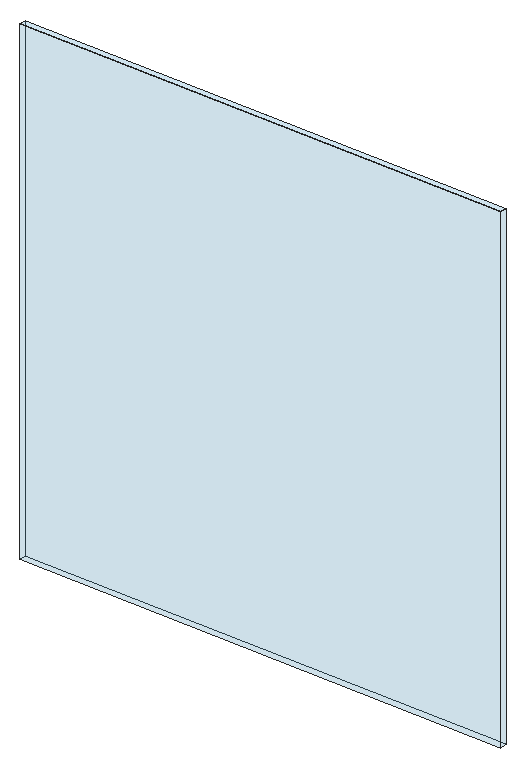
Revit family
Parameters (values of type "72" x 72"")
  Sealant = 0' - 0 3/8"
  Pocket Depth [instance] = 0' - 0 1/2"
  Head Height = Sill Height + Rough Height - Sealant  # 8' - 11 5/8"
  Depth [instance] = 0' - 10"
  Sill Height = 3' - 0"
  Rough Width = 6' - 0"
  Rough Height = 6' - 0"
  Model = "OPG3000"
  Material = ""
  Manufacturer = "Arcadia"
  Sightline = 0' - 2 5/8"
  Height = Rough Height - Sealant - Sealant  # 5' - 11 1/4"
  Wall Closure = (empty or 0)
  Width = Rough Width - Sealant - Sealant  # 5' - 11 1/4"
  Glass Thickness [instance] = 0' - 1"
  Offset to Inside Face of Glass [instance] = 0' - 8 5/16"
  Construction Type = "Aluminum"
  Center of Rough Opening [instance] = Rough Width / 2  # 3' - 0"
  Center of Glass [instance] = Glass Thickness / 2  # 0' - 0 1/2"
  Center Wall to Outside Face [instance] = 0' - 2 7/8"
  Assembly Code = ""
Reference planes (in)
  plane 1 "Center (Front/Back)": y = 0
  plane 2: z = 0
  plane 3 "Center (Left/Right)": x = 12
  plane 4 "Rough Opening Bottom": z = 36
  plane 5 "Rough Opening Top": z = 108
  plane 6 "Exterior Face": y = 5.75
  plane 7 "Frame Top": z = 105.375
  plane 8 "Frame Bottom": z = 38.625
  plane 9 "Rough Opening Left": x = -24
  plane 10 "Rough Opening Right": x = 48
  plane 11 "Frame Left": x = -21.375
  plane 12 "Frame Right": x = 45.375
  plane 13 "Exterior Glass Edge": y = 4.73644
  plane 14 "Interior Glass Edge": y = 3.73644
  plane 15 "Glass Centerline": y = 4.23644
  plane 16 "Frame Outside": y = 5.42394
  plane 17 "Frame Inside": y = -4.57606
  plane 18: z = 105.875
  plane 19: z = 38.125
  plane 20: x = 45.875
  plane 21: x = -21.875
  plane 22: x = 47.625
  plane 23: x = -23.625
  plane 24: z = 107.625
  plane 25: z = 36.375
Forms (in)
  Extrusion 1, solid, material "Anodize Arcadia AC2 Clear #11", detail levels coarse
    sketch origin (0, 0, 36) x (0, -1, 0) y (1, 0, 0)
      loop
        line (-5.42394, -24) -> (4.57606, -24) -> (4.57606, -21.375) -> (-3.73644, -21.375) -> (-3.73644, -21.875) -> (-4.73644, -21.875) -> (-4.73644, -21.375) -> (-5.42394, -21.375) -> (-5.42394, -24)
    from 0 to 72 <- "Rough Height"
  Extrusion 2, solid, material "Anodize Arcadia AC2 Clear #11", detail levels coarse
    sketch origin (0, 0, 36) x (0, -1, 0) y (1, 0, 0)
      loop
        line (-5.42394, 45.375) -> (-4.73644, 45.375) -> (-4.73644, 45.875) -> (-3.73644, 45.875) -> (-3.73644, 45.375) -> (4.57606, 45.375) -> (4.57606, 48) -> (-5.42394, 48) -> (-5.42394, 45.375)
    from 0 to 72 <- "Rough Height"
  Extrusion 3, solid, material "Glass"
    sketch origin (-0.5, 0, 36) x (0, -1, 0) y (1, 0, 0)
      loop
        line (-4.73644, -21.375) -> (-3.73644, -21.375) -> (-3.73644, 46.375) -> (-4.73644, 46.375) -> (-4.73644, -21.375)
    from 2.125 to 69.875
  Extrusion 4, solid, material "Anodize Arcadia AC2 Clear #11", detail levels coarse
    sketch origin (-24, 0, 0) x (0, 1, 0) y (0, 0, 1)
      loop
        line (-4.57606, 108) -> (-4.57606, 105.375) -> (3.73644, 105.375) -> (3.73644, 105.875) -> (4.73644, 105.875) -> (4.73644, 105.375) -> (5.42394, 105.375) -> (5.42394, 108) -> (-4.57606, 108)
    from 0 to 72 <- "Rough Width"
  Extrusion 5, solid, material "Anodize Arcadia AC2 Clear #11", detail levels coarse
    sketch origin (-24, 0, 0) x (0, 1, 0) y (0, 0, 1)
      loop
        line (5.42394, 38.625) -> (4.73644, 38.625) -> (4.73644, 38.125) -> (3.73644, 38.125) -> (3.73644, 38.625) -> (-4.57606, 38.625) -> (-4.57606, 36) -> (5.42394, 36) -> (5.42394, 38.625)
    from 0 to 72 <- "Rough Width"
  Extrusion 6, void
    sketch origin (0, 0, 36) x (0, -1, 0) y (1, 0, 0)
      loop
        line (-5.75, -24) -> (2.25, -24) -> (2.25, 48) -> (-5.75, 48) -> (-5.75, -24)
    from 0 to 72 <- "Rough Height"
Lines and regions (in)
  symbolic lines, detail levels coarse
    curve 1: line (-24, 5.42394, 0) -> (-21.375, 5.42394, 0)
    curve 2: line (-21.375, 5.42394, 0) -> (-21.375, 4.73644, 0)
    curve 3: line (45.875, 4.73644, 0) -> (-21.875, 4.73644, 0)
    curve 4: line (-21.875, 4.73644, 0) -> (-21.875, 3.73644, 0)
    curve 5: line (-21.875, 3.73644, 0) -> (45.875, 3.73644, 0)
    curve 6: line (-21.375, 3.73644, 0) -> (-21.375, -4.57606, 0)
    curve 7: line (-21.375, -4.57606, 0) -> (-24, -4.57606, 0)
    curve 8: line (-24, -4.57606, 0) -> (-24, 5.42394, 0)
    curve 9: line (48, 5.42394, 0) -> (45.375, 5.42394, 0)
    curve 10: line (45.375, 5.42394, 0) -> (45.375, 4.73644, 0)
    curve 11: line (45.875, 4.73644, 0) -> (45.875, 3.73644, 0)
    curve 12: line (45.375, 3.73644, 0) -> (45.375, -4.57606, 0)
    curve 13: line (45.375, -4.57606, 0) -> (48, -4.57606, 0)
    curve 14: line (48, -4.57606, 0) -> (48, 5.42394, 0)
Text (in)
  text "EXTERIOR" at (-58.6888, 50.90694, 0), in view "Ref. Level"
  text "INTERIOR" at (-58.6888, -37.76638, 0), in view "Ref. Level"
  text "Exterior" at (0, 43.65631, 123.19604), in view "Left"
  text "Exterior" at (0, 18.29385, 125.04747), in view "Right"
Dimensions and locks (in)
  "Rough Height": plane 4 "Rough Opening Bottom" to plane 5 "Rough Opening Top"
  "Sill Height": plane 2 to plane 4 "Rough Opening Bottom"
  "Sightline": plane 7 "Frame Top" to plane 5 "Rough Opening Top"
  "Sightline": plane 4 "Rough Opening Bottom" to plane 8 "Frame Bottom"
  "Rough Width": plane 9 "Rough Opening Left" to plane 10 "Rough Opening Right"
  "Sightline": plane 9 "Rough Opening Left" to plane 11 "Frame Left"
  "Sightline": plane 12 "Frame Right" to plane 10 "Rough Opening Right"
  "Depth": plane 17 "Frame Inside" to plane 16 "Frame Outside"
  "Glass Thickness": plane 13 "Exterior Glass Edge" to plane 14 "Interior Glass Edge"
  "Center of Glass": plane 15 "Glass Centerline" to plane 14 "Interior Glass Edge"
  "Center of Rough Opening": plane 9 "Rough Opening Left" to plane 3 "Center (Left/Right)"
  "Offset to Inside Face of Glass": plane 17 "Frame Inside" to plane 14 "Interior Glass Edge"
  "Pocket Depth": plane 12 "Frame Right" to plane 20
  "Pocket Depth": plane 21 to plane 11 "Frame Left"
  "Pocket Depth": plane 7 "Frame Top" to plane 18
  "Pocket Depth": plane 19 to plane 8 "Frame Bottom"
  "Sealant": plane 22 to plane 10 "Rough Opening Right"
  "Sealant": plane 9 "Rough Opening Left" to plane 23
  "Sealant": plane 24 to plane 5 "Rough Opening Top"
  "Sealant": plane 4 "Rough Opening Bottom" to plane 25
  aligned and locked: plane 6 "Exterior Face" to host wall
  aligned and locked: Extrusion 1 sketch curve to plane 17 "Frame Inside"
  aligned and locked: plane 16 "Frame Outside" to Extrusion 1 sketch curve
  aligned and locked: Extrusion 1 sketch curve to plane 11 "Frame Left"
  aligned and locked: plane 9 "Rough Opening Left" to Extrusion 1 sketch curve
  aligned and locked: plane 12 "Frame Right" to Extrusion 2 sketch curve
  aligned and locked: Extrusion 2 sketch curve to plane 10 "Rough Opening Right"
  aligned and locked: Extrusion 2 sketch curve to plane 17 "Frame Inside"
  aligned and locked: plane 16 "Frame Outside" to Extrusion 2 sketch curve
  aligned and locked: Extrusion 3 sketch curve to plane 13 "Exterior Glass Edge"
  aligned and locked: plane 14 "Interior Glass Edge" to Extrusion 3 sketch curve
  aligned and locked: plane 5 "Rough Opening Top" to Extrusion 4 sketch curve
  aligned and locked: Extrusion 4 sketch curve to plane 7 "Frame Top"
  aligned and locked: Extrusion 4 sketch curve to plane 17 "Frame Inside"
  aligned and locked: plane 16 "Frame Outside" to Extrusion 4 sketch curve
  aligned and locked: Extrusion 5 sketch curve to plane 4 "Rough Opening Bottom"
  aligned and locked: plane 8 "Frame Bottom" to Extrusion 5 sketch curve
  aligned and locked: Extrusion 5 sketch curve to plane 17 "Frame Inside"
  aligned and locked: plane 16 "Frame Outside" to Extrusion 5 sketch curve
  aligned and locked: plane 4 "Rough Opening Bottom" to nested 3
  aligned and locked: nested 2 to plane 5 "Rough Opening Top"
  aligned and locked: plane 19 to Extrusion 3
  aligned and locked: Extrusion 3 to plane 18
  aligned and locked: plane 17 "Frame Inside" to nested 3
  aligned and locked: nested 1 to plane 16 "Frame Outside"
  aligned and locked: plane 10 "Rough Opening Right" to nested 1
  aligned and locked: nested 4 to plane 9 "Rough Opening Left"
  aligned and locked: plane 17 "Frame Inside" to nested 4
  aligned and locked: plane 13 "Exterior Glass Edge" to Extrusion 5 sketch curve
  aligned and locked: Extrusion 5 sketch curve to plane 14 "Interior Glass Edge"
  aligned and locked: plane 19 to Extrusion 5 sketch curve
  aligned and locked: Extrusion 4 sketch curve to plane 13 "Exterior Glass Edge"
  aligned and locked: plane 18 to Extrusion 4 sketch curve
  aligned and locked: plane 14 "Interior Glass Edge" to Extrusion 4 sketch curve
  aligned and locked: plane 14 "Interior Glass Edge" to Extrusion 2 sketch curve
  aligned and locked: Extrusion 2 sketch curve to plane 20
  aligned and locked: Extrusion 2 sketch curve to plane 13 "Exterior Glass Edge"
  aligned and locked: Extrusion 1 sketch curve to plane 14 "Interior Glass Edge"
  aligned and locked: Extrusion 1 sketch curve to plane 21
  aligned and locked: plane 13 "Exterior Glass Edge" to Extrusion 1 sketch curve
  aligned and locked: plane 16 "Frame Outside" to curve 1
  aligned and locked: plane 9 "Rough Opening Left" to curve 8
  aligned and locked: curve 2 to plane 11 "Frame Left"
  aligned and locked: curve 6 to plane 11 "Frame Left"
  aligned and locked: curve 4 to plane 21
  aligned and locked: curve 7 to plane 17 "Frame Inside"
  aligned and locked: curve 5 to plane 14 "Interior Glass Edge"
  aligned and locked: plane 13 "Exterior Glass Edge" to curve 3
  aligned and locked: curve 10 to plane 12 "Frame Right"
  aligned and locked: curve 12 to plane 12 "Frame Right"
  aligned and locked: curve 11 to plane 20
  aligned and locked: plane 10 "Rough Opening Right" to curve 14
  aligned and locked: curve 9 to plane 16 "Frame Outside"
  aligned and locked: plane 17 "Frame Inside" to curve 13
  aligned and locked: nested 2 to plane 16 "Frame Outside"
  aligned and locked: plane 9 "Rough Opening Left" to import instance
  aligned and locked: import instance to plane 16 "Frame Outside"
  aligned and locked: plane 10 "Rough Opening Right" to import instance
  aligned and locked: plane 16 "Frame Outside" to import instance
  aligned and locked: plane 17 "Frame Inside" to import instance
  aligned and locked: plane 5 "Rough Opening Top" to import instance
  aligned and locked: import instance to plane 17 "Frame Inside"
  aligned and locked: import instance to plane 4 "Rough Opening Bottom"
  aligned and locked: level to plane 2
  aligned and locked: plane 9 "Rough Opening Left" to Extrusion 6 sketch curve
  aligned and locked: plane 6 "Exterior Face" to Extrusion 6 sketch curve
  aligned and locked: host wall to Extrusion 6 sketch curve
  aligned and locked: plane 10 "Rough Opening Right" to Extrusion 6 sketch curve
Automatic sketch dimensions
  Extrusion 3 sketch curve to plane 21 = 0' - 0"
  Extrusion 3 sketch curve to plane 20 = 0' - 0"
  Extrusion 5 sketch curve to plane 8 "Frame Bottom" = 0' - 0"
  Extrusion 4 sketch curve to plane 7 "Frame Top" = 0' - 0"
  Extrusion 2 sketch curve to plane 12 "Frame Right" = 0' - 0"
  Extrusion 1 sketch curve to plane 11 "Frame Left" = 0' - 0"
Nested families (in)
  nested 1: "Window-Arcadia-OPG3000-Med-Jamb-R" at (46.9375, 4.23644, 0) x (-1, 0, 0) z (0, 0, 1), type "Window-Arcadia-OPG3000-Med-Jamb-R", detail levels medium
    with Sightline 0' - 2 5/8", Pocket Depth 0' - 0 1/2", Offset to Inside Face of Glass 0' - 8 5/16", Glass Width 0' - 1", Frame Wall Thickness 0' - 0 3/32", Depth 0' - 10", Center of Glass 0' - 0 1/2"
  nested 2: "Window-Arcadia-OPG3000-Med-Head" at (33.875, 4.23644, 108) x (0, -1, 0) z (1, 0, 0), type "Window-Arcadia-OPG3000-Med-Head", detail levels medium
    with Sightline 0' - 2 5/8", Pocket Depth 0' - 0 1/2", Offset to Inside Face of Glass 0' - 8 5/16", Glass Width 0' - 1", Frame Wall Thickness 0' - 0 3/32", Depth 0' - 10", Center of Glass 0' - 0 1/2"
  nested 3: "Window-Arcadia-OPG3000-Med-Sill" at (33.875, 4.23644, 36) x (0, -1, 0) z (1, 0, 0), type "Window-Arcadia-OPG3000-Med-Sill", detail levels medium
    with Sightline 0' - 2 5/8", Pocket Depth 0' - 0 1/2", Offset to Inside Face of Glass 0' - 8 5/16", Glass Width 0' - 1", Frame Wall Thickness 0' - 0 3/32", Depth 0' - 10", Center of Glass 0' - 0 1/2"
  nested 4: "Window-Arcadia-OPG3000-Med-Jamb-L" at (-22.9375, 4.23644, 0) x (-1, 0, 0) z (0, 0, 1), type "Window-Arcadia-OPG3000-Med-Jamb-L", detail levels medium
    with Sightline 0' - 2 5/8", Pocket Depth 0' - 0 1/2", Offset to Inside Face of Glass 0' - 8 5/16", Glass Width 0' - 1", Frame Wall Thickness 0' - 0 3/32", Depth 0' - 10", Center of Glass 0' - 0 1/2"
Definition of nested family "Window-Arcadia-OPG3000-Med-Jamb-R"
  Parameters (values of type "Window-Arcadia-TC670-Med-Jamb-R")
    Depth [instance] = 0' - 6"
    Pocket Depth [instance] = 0' - 0 3/4"
    Offset to Inside Face of Glass [instance] = 0' - 4"
    Glass Width [instance] = 0' - 1"
    Sightline [instance] = 0' - 2 5/8"
    Center of Glass [instance] = Glass Width / 2  # 0' - 0 1/2"
    Frame Wall Thickness [instance] = 0' - 0 3/32"
    Assembly Code = ""
  Reference planes (in)
    plane 1 "Center (Front/Back)": y = 0
    plane 2: z = 0
    plane 3: x = 1.5625
    plane 4 "back": x = -1.0625
    plane 5: y = 4.5
    plane 6: y = -1.5
    plane 7 "Inside Face of Glass": y = 0.5
    plane 8: y = -0.5
    plane 9: x = 0.8125
  Lines and regions (in)
    detail lines, in view "Ref. Level", detail levels medium
      curve 1: line (-1.0625, 4.5, 0) -> (-1.0625, -1.5, 0)
      curve 2: line (-1.0625, -1.5, 0) -> (1.5625, -1.5, 0)
      curve 3: line (1.5625, -1.5, 0) -> (1.5625, -0.5, 0)
      curve 4: line (1.5625, -0.5, 0) -> (0.8125, -0.5, 0)
      curve 5: line (0.8125, -0.5, 0) -> (0.8125, 0.5, 0)
      curve 6: line (0.8125, 0.5, 0) -> (1.5625, 0.5, 0)
      curve 7: line (1.5625, 0.5, 0) -> (1.5625, 4.5, 0)
      curve 8: line (1.5625, 4.5, 0) -> (-1.0625, 4.5, 0)
      curve 9: line (1.46875, 4.40625, 0) -> (-0.96875, 4.40625, 0)
      curve 10: line (-0.96875, 4.40625, 0) -> (-0.96875, -1.40625, 0)
      curve 11: line (-0.96875, -1.40625, 0) -> (1.46875, -1.40625, 0)
      curve 12: line (1.46875, -1.40625, 0) -> (1.46875, -0.59375, 0)
      curve 13: line (1.46875, -0.59375, 0) -> (0.71875, -0.59375, 0)
      curve 14: line (0.71875, -0.59375, 0) -> (0.71875, 0.59375, 0)
      curve 15: line (0.71875, 0.59375, 0) -> (1.46875, 0.59375, 0)
      curve 16: line (1.46875, 0.59375, 0) -> (1.46875, 4.40625, 0)
      curve 17: line (1.5625, 4.5, 0) -> (-1.0625, 4.5, 0)
      curve 18: line (-1.0625, 4.40625, 0) -> (-1.0625, -1.5, 0)
  Dimensions and locks (in)
    "Sightline": plane 4 "back" to plane 3
    "Depth": plane 5 to plane 6
    "Center of Glass": plane 1 "Center (Front/Back)" to plane 7 "Inside Face of Glass"
    "Glass Width": plane 8 to plane 7 "Inside Face of Glass"
    "Pocket Depth": plane 9 to plane 3
    "Offset to Inside Face of Glass": plane 5 to plane 7 "Inside Face of Glass"
    "Frame Wall Thickness": plane 5 to curve 9
    "Frame Wall Thickness": plane 4 "back" to curve 10
    "Frame Wall Thickness": curve 11 to plane 6
    "Frame Wall Thickness": curve 12 to plane 3
    "Frame Wall Thickness": curve 13 to plane 8
    "Frame Wall Thickness": plane 7 "Inside Face of Glass" to curve 15
    "Frame Wall Thickness": curve 14 to plane 9
    "Frame Wall Thickness": curve 16 to plane 3
    aligned and locked: plane 5 to curve 8
    aligned and locked: curve 1 to plane 4 "back"
    aligned and locked: curve 2 to plane 6
    aligned and locked: plane 3 to curve 3
    aligned and locked: curve 4 to plane 8
    aligned and locked: plane 9 to curve 5
    aligned and locked: plane 7 "Inside Face of Glass" to curve 6
    aligned and locked: plane 3 to curve 7
  Automatic sketch dimensions
    curve 18 to curve 9 = 0' - 0"
Definition of nested family "Window-Arcadia-OPG3000-Med-Head"
  Parameters (values of type "Window-Arcadia-A400-Med-Head")
    Depth [instance] = 0' - 6"
    Pocket Depth [instance] = 0' - 0 1/2"
    Offset to Inside Face of Glass [instance] = 0' - 4"
    Glass Width [instance] = 0' - 1"
    Sightline [instance] = 0' - 2 5/8"
    Center of Glass [instance] = Glass Width / 2  # 0' - 0 1/2"
    Frame Wall Thickness [instance] = 0' - 0 3/32"
    Assembly Code = ""
  Reference planes (in)
    plane 1 "Center (Front/Back)": y = 0
    plane 2: z = 0
    plane 3 "Center (Left/Right)": x = 0
    plane 4: x = -0.5
    plane 5 "Inside Face of Glass": x = 0.5
    plane 6: y = -2.625
    plane 7: x = 4.5
    plane 8: x = -1.5
    plane 9: y = -2.125
  Lines and regions (in)
    detail lines, in view "Ref. Level", detail levels medium
      curve 1: line (-1.5, 0, 0) -> (-1.5, -2.625, 0)
      curve 2: line (-1.5, -2.625, 0) -> (-0.5, -2.625, 0)
      curve 3: line (-0.5, -2.625, 0) -> (-0.5, -2.125, 0)
      curve 4: line (-0.5, -2.125, 0) -> (0.5, -2.125, 0)
      curve 5: line (0.5, -2.125, 0) -> (0.5, -2.625, 0)
      curve 6: line (0.5, -2.625, 0) -> (4.5, -2.625, 0)
      curve 7: line (4.5, -2.625, 0) -> (4.5, 0, 0)
      curve 8: line (4.5, 0, 0) -> (-1.5, 0, 0)
      curve 9: line (-1.40625, -0.09375, 0) -> (-1.40625, -2.53125, 0)
      curve 10: line (4.40625, -0.09375, 0) -> (-1.40625, -0.09375, 0)
      curve 11: line (4.40625, -2.53125, 0) -> (4.40625, -0.09375, 0)
      curve 12: line (0.59375, -2.53125, 0) -> (4.40625, -2.53125, 0)
      curve 13: line (-1.40625, -2.53125, 0) -> (-0.59375, -2.53125, 0)
      curve 14: line (-0.59375, -2.53125, 0) -> (-0.59375, -2.03125, 0)
      curve 15: line (-0.59375, -2.03125, 0) -> (0.59375, -2.03125, 0)
      curve 16: line (0.59375, -2.03125, 0) -> (0.59375, -2.53125, 0)
  Dimensions and locks (in)
    "Sightline": plane 6 to plane 1 "Center (Front/Back)"
    "Depth": plane 8 to plane 7
    "Pocket Depth": plane 6 to plane 9
    "Offset to Inside Face of Glass": plane 5 "Inside Face of Glass" to plane 7
    "Glass Width": plane 4 to plane 5 "Inside Face of Glass"
    "Center of Glass": plane 3 "Center (Left/Right)" to plane 5 "Inside Face of Glass"
    "Frame Wall Thickness": plane 8 to curve 9
    "Frame Wall Thickness": curve 10 to plane 1 "Center (Front/Back)"
    "Frame Wall Thickness": curve 11 to plane 7
    "Frame Wall Thickness": plane 6 to curve 12
    "Frame Wall Thickness": plane 6 to curve 13
    "Frame Wall Thickness": plane 9 to curve 15
    "Frame Wall Thickness": plane 5 "Inside Face of Glass" to curve 16
    "Frame Wall Thickness": curve 14 to plane 4
    aligned and locked: curve 8 to plane 1 "Center (Front/Back)"
    aligned and locked: plane 7 to curve 7
    aligned and locked: curve 1 to plane 8
    aligned and locked: plane 9 to curve 4
    aligned and locked: plane 4 to curve 3
    aligned and locked: plane 6 to curve 2
    aligned and locked: plane 6 to curve 6
  Automatic sketch dimensions
    curve 5 to plane 5 "Inside Face of Glass" = 0' - 0"
Definition of nested family "Window-Arcadia-OPG3000-Med-Sill"
  Parameters (values of type "Window-Arcadia-A400-Med-Sill")
    Depth [instance] = 0' - 6"
    Pocket Depth [instance] = 0' - 0 1/2"
    Offset to Inside Face of Glass [instance] = 0' - 4"
    Glass Width [instance] = 0' - 1"
    Sightline [instance] = 0' - 2 5/8"
    Center of Glass [instance] = Glass Width / 2  # 0' - 0 1/2"
    Frame Wall Thickness [instance] = 0' - 0 3/32"
    Assembly Code = ""
  Reference planes (in)
    plane 1 "Center (Front/Back)": y = 0
    plane 2: z = 0
    plane 3 "Center (Left/Right)": x = 0
    plane 4: x = -0.5
    plane 5 "Inside Face of Glass": x = 0.5
    plane 6: y = 2.625
    plane 7: x = 4.5
    plane 8: x = -1.5
    plane 9: y = 2.125
  Lines and regions (in)
    detail lines, in view "Ref. Level", detail levels medium
      curve 1: line (-1.5, 2.625, 0) -> (-1.5, 0, 0)
      curve 2: line (-1.5, 0, 0) -> (4.5, 0, 0)
      curve 3: line (4.5, 0, 0) -> (4.5, 2.625, 0)
      curve 4: line (4.5, 2.625, 0) -> (0.5, 2.625, 0)
      curve 5: line (0.5, 2.625, 0) -> (0.5, 2.125, 0)
      curve 6: line (0.5, 2.125, 0) -> (-0.5, 2.125, 0)
      curve 7: line (-0.5, 2.125, 0) -> (-0.5, 2.625, 0)
      curve 8: line (-0.5, 2.625, 0) -> (-1.5, 2.625, 0)
      curve 9: line (-0.59375, 2.53125, 0) -> (-1.40625, 2.53125, 0)
      curve 10: line (-1.40625, 2.53125, 0) -> (-1.40625, 0.09375, 0)
      curve 11: line (-1.40625, 0.09375, 0) -> (4.40625, 0.09375, 0)
      curve 12: line (4.40625, 0.09375, 0) -> (4.40625, 2.53125, 0)
      curve 13: line (4.40625, 2.53125, 0) -> (0.59375, 2.53125, 0)
      curve 14: line (0.59375, 2.53125, 0) -> (0.59375, 2.03125, 0)
      curve 15: line (0.59375, 2.03125, 0) -> (-0.59375, 2.03125, 0)
      curve 16: line (-0.59375, 2.03125, 0) -> (-0.59375, 2.53125, 0)
  Dimensions and locks (in)
    "Pocket Depth": plane 9 to plane 6
    "Sightline": plane 1 "Center (Front/Back)" to plane 6
    "Depth": plane 8 to plane 7
    "Offset to Inside Face of Glass": plane 5 "Inside Face of Glass" to plane 7
    "Glass Width": plane 4 to plane 5 "Inside Face of Glass"
    "Center of Glass": plane 3 "Center (Left/Right)" to plane 5 "Inside Face of Glass"
    "Frame Wall Thickness": curve 9 to plane 6
    "Frame Wall Thickness": plane 8 to curve 10
    "Frame Wall Thickness": plane 1 "Center (Front/Back)" to curve 11
    "Frame Wall Thickness": curve 12 to plane 7
    "Frame Wall Thickness": curve 13 to plane 6
    "Frame Wall Thickness": plane 5 "Inside Face of Glass" to curve 14
    "Frame Wall Thickness": curve 15 to plane 9
    "Frame Wall Thickness": curve 16 to plane 4
    aligned and locked: plane 1 "Center (Front/Back)" to curve 2
    aligned and locked: plane 7 to curve 3
    aligned and locked: curve 1 to plane 8
    aligned and locked: curve 8 to plane 6
    aligned and locked: curve 4 to plane 6
    aligned and locked: curve 6 to plane 9
    aligned and locked: curve 5 to plane 5 "Inside Face of Glass"
    aligned and locked: plane 4 to curve 7
  Automatic sketch dimensions
    curve 7 to plane 9 = 0' - 0"
Definition of nested family "Window-Arcadia-OPG3000-Med-Jamb-L"
  Parameters (values of type "Window-Arcadia-TC670-Med-Jamb-L")
    Depth [instance] = 0' - 6"
    Pocket Depth [instance] = 0' - 0 1/2"
    Offset to Inside Face of Glass [instance] = 0' - 4"
    Glass Width [instance] = 0' - 1"
    Sightline [instance] = 0' - 2 1/8"
    Center of Glass [instance] = Glass Width / 2  # 0' - 0 1/2"
    Frame Wall Thickness [instance] = 0' - 0 3/32"
    Assembly Code = ""
  Reference planes (in)
    plane 1 "Center (Front/Back)": y = 0
    plane 2: z = 0
    plane 3 "BACK": x = 1.0625
    plane 4 "FRONT": x = -1.0625
    plane 5: y = 1.5
    plane 6: y = -4.5
    plane 7 "Inside Face of Glass": y = 0.5
    plane 8: y = -0.5
    plane 9: x = -0.5625
  Lines and regions (in)
    detail lines, in view "Ref. Level", detail levels medium
      curve 1: line (1.0625, 1.5, 0) -> (1.0625, -4.5, 0)
      curve 2: line (1.0625, -4.5, 0) -> (-1.0625, -4.5, 0)
      curve 3: line (-1.0625, -4.5, 0) -> (-1.0625, -0.5, 0)
      curve 4: line (-1.0625, -0.5, 0) -> (-0.5625, -0.5, 0)
      curve 5: line (-0.5625, -0.5, 0) -> (-0.5625, 0.5, 0)
      curve 6: line (-0.5625, 0.5, 0) -> (-1.0625, 0.5, 0)
      curve 7: line (-1.0625, 0.5, 0) -> (-1.0625, 1.5, 0)
      curve 8: line (-1.0625, 1.5, 0) -> (1.0625, 1.5, 0)
      curve 9: line (-0.96875, 1.40625, 0) -> (0.96875, 1.40625, 0)
      curve 10: line (-0.96875, 0.59375, 0) -> (-0.96875, 1.40625, 0)
      curve 11: line (-0.46875, 0.59375, 0) -> (-0.96875, 0.59375, 0)
      curve 12: line (-0.46875, -0.59375, 0) -> (-0.46875, 0.59375, 0)
      curve 13: line (-0.96875, -0.59375, 0) -> (-0.46875, -0.59375, 0)
      curve 14: line (-0.96875, -4.40625, 0) -> (-0.96875, -0.59375, 0)
      curve 15: line (0.96875, -4.40625, 0) -> (-0.96875, -4.40625, 0)
      curve 16: line (0.96875, 1.40625, 0) -> (0.96875, -4.40625, 0)
  Dimensions and locks (in)
    "Depth": plane 5 to plane 6
    "Pocket Depth": plane 4 "FRONT" to plane 9
    "Sightline": plane 4 "FRONT" to plane 3 "BACK"
    "Glass Width": plane 8 to plane 7 "Inside Face of Glass"
    "Center of Glass": plane 1 "Center (Front/Back)" to plane 7 "Inside Face of Glass"
    "Frame Wall Thickness": plane 4 "FRONT" to curve 10
    "Frame Wall Thickness": plane 5 to curve 9
    "Frame Wall Thickness": curve 15 to plane 6
    "Frame Wall Thickness": curve 13 to plane 8
    "Frame Wall Thickness": plane 9 to curve 12
    "Frame Wall Thickness": plane 7 "Inside Face of Glass" to curve 11
    "Frame Wall Thickness": plane 4 "FRONT" to curve 14
    "Offset to Inside Face of Glass": plane 6 to plane 8
    aligned and locked: curve 8 to plane 5
    aligned and locked: curve 1 to plane 3 "BACK"
    aligned and locked: plane 6 to curve 2
    aligned and locked: curve 3 to plane 4 "FRONT"
    aligned and locked: plane 8 to curve 4
    aligned and locked: plane 9 to curve 5
    aligned and locked: curve 6 to plane 7 "Inside Face of Glass"
    aligned and locked: plane 4 "FRONT" to curve 7
  Automatic sketch dimensions
    curve 16 to plane 3 "BACK" = 0' - 0 3/32"
